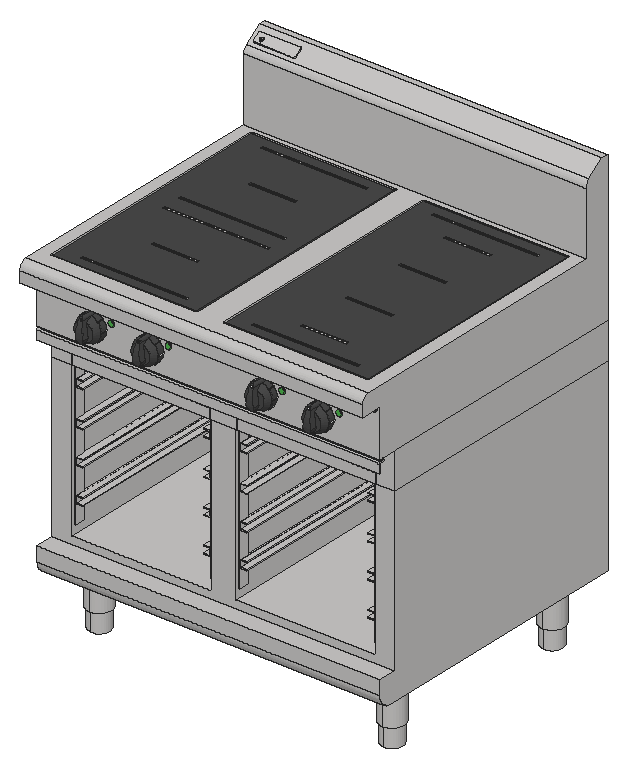
Revit family "QF_Moffat_IN8400R5F-CB_Induction Cooktop_cat", category Specialty Equipment, Revit 2019 (continued)
Definition of nested family "IN8400F-CB_Cabinet base"
  Automatic sketch dimensions
    Extrusion 14 sketch curve to Extrusion 14 sketch curve = 0 mm  (x3)
    Extrusion 14 sketch curve to Extrusion 14 sketch curve = 17.4 mm  (x5)
Definition of nested family "QF_LOGO_Waldorf"
  Parameters (values of type "QF_LOGO_Waldorf")
    Weight in Pounds = 0
    URL Cutsheet = ""
    Specification by User = ""
    Specification by Manufacturer = ""
    Serial Number = ""
    Seismic Rating = ""
    SMACNA No = ""
    Revision Code = ""
    NAFEM Spec ID Number = ""
    Masterspec = ""
    Length = 138 mm
    Item Number = ""
    Installed By = ""
    Identify Quantity as Lot = yes
    Height = 26.711 mm
    Furnished By = ""
    Foodservice Equipment Identifier = yes
    Depth = 3.175 mm
    CSI MasterFormat = ""
  Reference planes
    plane 1 "BACK": y = 0
    plane 2: z = 0
    plane 3 "LEFT": x = 0
    plane 4 "RIGHT": x = 138
    plane 5 "FRONT": y = -3.175
    plane 6 "TOP": z = 26.711
    plane 7 "Center Y": x = 69
    plane 8 "Center X": y = -1.587
  Forms (mm)
    Extrusion 1, solid
      sketch origin (0, 0, 0) x (1, 0, 0) y (0, 0.809017, 0.587785)
        loop
          line (109, 3.464) -> (109, 23.247)
          spline (109, 23.247) -> (108.966, 23.699) -> (108.864, 24.143) -> (108.696, 24.572) -> (108.464, 24.979) -> (108.173, 25.355) -> (107.828, 25.696) -> (107.435, 25.995) -> (107, 26.247) -> (106.531, 26.447) -> (106.035, 26.593) -> (105.522, 26.681) -> (105, 26.711)
          line (105, 26.711) -> (4, 26.711)
          spline (4, 26.711) -> (3.478, 26.681) -> (2.965, 26.593) -> (2.469, 26.447) -> (2, 26.247) -> (1.565, 25.995) -> (1.172, 25.696) -> (0.827, 25.355) -> (0.536, 24.979) -> (0.304, 24.572) -> (0.136, 24.143) -> (0.034, 23.699) -> (0, 23.247)
          line (0, 23.247) -> (0, 3.464)
          spline (0, 3.464) -> (0.034, 3.012) -> (0.136, 2.568) -> (0.304, 2.138) -> (0.536, 1.732) -> (0.827, 1.355) -> (1.172, 1.015) -> (1.565, 0.716) -> (2, 0.464) -> (2.469, 0.264) -> (2.965, 0.118) -> (3.478, 0.03) -> (4, 0)
          line (4, 0) -> (105, 0)
          spline (105, 0) -> (105.522, 0.03) -> (106.035, 0.118) -> (106.531, 0.264) -> (107, 0.464) -> (107.435, 0.716) -> (107.828, 1.015) -> (108.173, 1.355) -> (108.464, 1.732) -> (108.696, 2.138) -> (108.864, 2.568) -> (108.966, 3.012) -> (109, 3.464)
        loop
          line (14.75, 7.005) -> (14.75, 15.654)
          arc (14.75, 15.654) -> (10.425, 11.329) -> (14.75, 7.005) r 4.325
        loop
          line (15.25, 15.654) -> (15.25, 7.005)
          arc (15.25, 7.005) -> (19.575, 11.329) -> (15.25, 15.654) r 4.325
      from 0 to 3.2
    Extrusion 2, solid
      sketch origin (0, 0, 0) x (1, 0, 0) y (0, 0.809017, 0.587785)
        loop
          line (15.25, 15.654) -> (15.25, 7.005)
          arc (15.25, 7.005) -> (19.575, 11.329) -> (15.25, 15.654) r 4.325
      from 0 to 3.2
    Extrusion 3, solid
      sketch origin (16.271, 0, 0) x (-1, 0, 0) y (0, -0.809017, -0.587785)
        loop
          arc (1.521, -15.654) -> (5.846, -11.329) -> (1.521, -7.005) r 4.325
          line (1.521, -7.005) -> (1.521, -15.654)
      from 0 to 3.2
  Lines and regions (mm)
    Split face 1
      outline origin (0, -1.881, 2.589) x (1, 0, 0) y (0, 0.809017, 0.587785)
        loop
          spline (22.129, 16.975) -> (22.389, 15.984) -> (22.649, 15.002) -> (22.91, 14.028) -> (23.172, 13.065) -> (23.433, 12.11) -> (23.695, 11.166) -> (23.956, 10.232) -> (24.218, 9.308) -> (24.479, 8.396) -> (24.74, 7.495) -> (25, 6.605) -> (25.26, 5.728)
          line (25.26, 5.728) -> (29.463, 5.728)
          spline (29.463, 5.728) -> (29.582, 6.252) -> (29.701, 6.78) -> (29.82, 7.313) -> (29.939, 7.85) -> (30.058, 8.391) -> (30.178, 8.936) -> (30.297, 9.485) -> (30.416, 10.038) -> (30.536, 10.594) -> (30.655, 11.155) -> (30.775, 11.719) -> (30.894, 12.287)
          spline (30.894, 12.287) -> (31.018, 11.719) -> (31.142, 11.155) -> (31.266, 10.594) -> (31.39, 10.038) -> (31.514, 9.485) -> (31.638, 8.936) -> (31.762, 8.391) -> (31.885, 7.85) -> (32.009, 7.313) -> (32.133, 6.78) -> (32.256, 6.252) -> (32.379, 5.728)
          line (32.379, 5.728) -> (36.51, 5.728)
          spline (36.51, 5.728) -> (36.766, 6.605) -> (37.023, 7.495) -> (37.28, 8.396) -> (37.538, 9.308) -> (37.795, 10.232) -> (38.053, 11.166) -> (38.311, 12.11) -> (38.569, 13.065) -> (38.826, 14.028) -> (39.083, 15.002) -> (39.34, 15.984) -> (39.597, 16.975)
          line (39.597, 16.975) -> (35.637, 16.975)
          spline (35.637, 16.975) -> (35.523, 16.334) -> (35.41, 15.697) -> (35.296, 15.063) -> (35.182, 14.433) -> (35.068, 13.807) -> (34.954, 13.185) -> (34.84, 12.566) -> (34.726, 11.952) -> (34.612, 11.342) -> (34.497, 10.737) -> (34.383, 10.135) -> (34.269, 9.538)
          spline (34.269, 9.538) -> (34.138, 10.135) -> (34.008, 10.737) -> (33.877, 11.342) -> (33.746, 11.952) -> (33.616, 12.566) -> (33.485, 13.185) -> (33.354, 13.807) -> (33.224, 14.433) -> (33.093, 15.063) -> (32.963, 15.697) -> (32.833, 16.334) -> (32.703, 16.975)
          line (32.703, 16.975) -> (29.247, 16.975)
          spline (29.247, 16.975) -> (29.111, 16.334) -> (28.974, 15.697) -> (28.837, 15.063) -> (28.7, 14.433) -> (28.562, 13.807) -> (28.425, 13.185) -> (28.288, 12.566) -> (28.15, 11.952) -> (28.013, 11.342) -> (27.875, 10.737) -> (27.738, 10.135) -> (27.6, 9.538)
          spline (27.6, 9.538) -> (27.483, 10.135) -> (27.366, 10.737) -> (27.249, 11.342) -> (27.132, 11.952) -> (27.015, 12.566) -> (26.897, 13.185) -> (26.78, 13.807) -> (26.663, 14.433) -> (26.546, 15.063) -> (26.43, 15.697) -> (26.313, 16.334) -> (26.196, 16.975)
          line (26.196, 16.975) -> (22.129, 16.975)
    Split face 2
      outline origin (0, -1.881, 2.589) x (1, 0, 0) y (0, 0.809017, 0.587785)
        loop
          line (51.449, 5.728) -> (51.035, 6.606) -> (51.035, 11.169)
          spline (51.035, 11.169) -> (50.686, 12.42) -> (50.176, 13.224) -> (49.51, 13.708) -> (48.693, 13.995) -> (47.747, 14.152) -> (46.698, 14.207) -> (45.579, 14.186) -> (44.419, 14.114) -> (43.279, 13.929) -> (42.249, 13.481) -> (41.424, 12.614) -> (40.897, 11.169)
          line (40.897, 11.169) -> (44.617, 11.169) -> (44.988, 11.965)
          spline (44.988, 11.965) -> (47.294, 11.682) -> (46.856, 10.932) -> (45.527, 10.609) -> (43.858, 10.439) -> (42.259, 10.123) -> (41.078, 9.417) -> (40.563, 8.246) -> (40.689, 6.989) -> (41.407, 6.052) -> (42.774, 5.536) -> (44.847, 5.497) -> (47.306, 6.602)
          line (47.306, 6.602) -> (47.624, 5.728) -> (51.449, 5.728)
    Split face 3
      outline origin (0, -1.881, 2.589) x (1, 0, 0) y (0, 0.809017, 0.587785)
        loop
          line (47.264, 9.264) -> (44.938, 8.597)
          spline (44.938, 8.597) -> (44.508, 8.228) -> (44.402, 7.9) -> (44.548, 7.626) -> (44.877, 7.42) -> (45.317, 7.295) -> (45.797, 7.265) -> (46.252, 7.342) -> (46.65, 7.525) -> (46.971, 7.813) -> (47.194, 8.201) -> (47.298, 8.685) -> (47.264, 9.264)
    Split face 4
      outline origin (0, -1.881, 2.589) x (1, 0, 0) y (0, 0.809017, 0.587785)
        loop
          line (53.33, 16.975) -> (53.33, 5.728) -> (57.173, 5.728) -> (57.173, 16.975) -> (53.33, 16.975)
    Split face 5
      outline origin (0, -1.881, 2.589) x (1, 0, 0) y (0, 0.809017, 0.587785)
        loop
          line (65.795, 16.975) -> (65.795, 12.976)
          spline (65.795, 12.976) -> (63.839, 14.082) -> (62.087, 14.096) -> (60.633, 13.343) -> (59.574, 12.148) -> (58.99, 10.806) -> (58.867, 9.452) -> (59.156, 8.159) -> (59.81, 7) -> (60.786, 6.056) -> (62.111, 5.514) -> (63.868, 5.634) -> (66.137, 6.679)
          line (66.137, 6.679) -> (66.137, 5.728) -> (69.511, 5.728) -> (69.511, 16.975) -> (65.795, 16.975)
    Split face 6
      outline origin (0, -1.881, 2.589) x (1, 0, 0) y (0, 0.809017, 0.587785)
        loop
          spline (64.273, 7.499) -> (64.754, 7.57) -> (65.202, 7.777) -> (65.587, 8.106) -> (65.882, 8.535) -> (66.067, 9.034) -> (66.131, 9.57) -> (66.067, 10.106) -> (65.882, 10.605) -> (65.587, 11.034) -> (65.202, 11.363) -> (64.754, 11.57) -> (64.273, 11.64)
          spline (64.273, 11.64) -> (63.793, 11.57) -> (63.345, 11.363) -> (62.96, 11.034) -> (62.665, 10.605) -> (62.479, 10.106) -> (62.416, 9.57) -> (62.479, 9.034) -> (62.665, 8.535) -> (62.96, 8.106) -> (63.345, 7.777) -> (63.793, 7.57) -> (64.273, 7.499)
    Split face 7
      outline origin (0, -1.881, 2.589) x (1, 0, 0) y (0, 0.809017, 0.587785)
        loop
          spline (76.449, 5.305) -> (77.855, 5.457) -> (79.166, 5.901) -> (80.291, 6.607) -> (81.155, 7.527) -> (81.698, 8.599) -> (81.883, 9.749) -> (81.698, 10.899) -> (81.155, 11.97) -> (80.291, 12.891) -> (79.166, 13.597) -> (77.855, 14.041) -> (76.449, 14.192)
          spline (76.449, 14.192) -> (75.042, 14.041) -> (73.731, 13.597) -> (72.606, 12.891) -> (71.742, 11.97) -> (71.199, 10.899) -> (71.014, 9.749) -> (71.199, 8.599) -> (71.742, 7.527) -> (72.606, 6.607) -> (73.731, 5.901) -> (75.042, 5.457) -> (76.449, 5.305)
    Split face 8
      outline origin (0, -1.881, 2.589) x (1, 0, 0) y (0, 0.809017, 0.587785)
        loop
          spline (76.449, 7.654) -> (76.841, 7.725) -> (77.206, 7.934) -> (77.52, 8.267) -> (77.76, 8.701) -> (77.912, 9.206) -> (77.963, 9.749) -> (77.912, 10.291) -> (77.76, 10.796) -> (77.52, 11.23) -> (77.206, 11.563) -> (76.841, 11.772) -> (76.449, 11.843)
          spline (76.449, 11.843) -> (76.057, 11.772) -> (75.691, 11.563) -> (75.378, 11.23) -> (75.137, 10.796) -> (74.986, 10.291) -> (74.934, 9.749) -> (74.986, 9.206) -> (75.137, 8.701) -> (75.378, 8.267) -> (75.691, 7.934) -> (76.057, 7.725) -> (76.449, 7.654)
    Split face 9
      outline origin (0, -1.881, 2.589) x (1, 0, 0) y (0, 0.809017, 0.587785)
        loop
          line (86.998, 12.335) -> (86.998, 13.879) -> (83.479, 13.879) -> (83.479, 5.728) -> (87.312, 5.728) -> (87.312, 8.975)
          spline (87.312, 8.975) -> (87.364, 9.356) -> (87.458, 9.686) -> (87.594, 9.968) -> (87.769, 10.204) -> (87.982, 10.398) -> (88.229, 10.55) -> (88.509, 10.666) -> (88.82, 10.746) -> (89.16, 10.794) -> (89.525, 10.812) -> (89.915, 10.803) -> (90.327, 10.77)
          line (90.327, 10.77) -> (90.327, 14.113)
          spline (90.327, 14.113) -> (89.929, 14.127) -> (89.552, 14.111) -> (89.197, 14.066) -> (88.865, 13.991) -> (88.554, 13.887) -> (88.266, 13.754) -> (87.999, 13.591) -> (87.755, 13.399) -> (87.532, 13.177) -> (87.332, 12.926) -> (87.154, 12.645) -> (86.998, 12.335)
    Split face 10
      outline origin (0, -1.881, 2.589) x (1, 0, 0) y (0, 0.809017, 0.587785)
        loop
          line (92.082, 13.879) -> (90.894, 13.879) -> (90.894, 11.972) -> (92.082, 11.972) -> (92.082, 5.728) -> (95.871, 5.728) -> (95.871, 11.972) -> (97.5, 11.972) -> (97.5, 13.879) -> (95.871, 13.879)
          spline (95.871, 13.879) -> (95.843, 14.088) -> (95.845, 14.278) -> (95.877, 14.447) -> (95.939, 14.596) -> (96.03, 14.726) -> (96.151, 14.835) -> (96.301, 14.925) -> (96.482, 14.995) -> (96.692, 15.045) -> (96.931, 15.075) -> (97.201, 15.085) -> (97.5, 15.076)
          line (97.5, 15.076) -> (97.5, 17.266) -> (95.367, 17.266)
          spline (95.367, 17.266) -> (94.982, 17.253) -> (94.58, 17.21) -> (94.174, 17.132) -> (93.774, 17.013) -> (93.39, 16.846) -> (93.034, 16.627) -> (92.717, 16.349) -> (92.448, 16.007) -> (92.24, 15.595) -> (92.102, 15.106) -> (92.046, 14.537) -> (92.082, 13.879)
  Dimensions and locks
    equal spacing: plane 3 "LEFT", plane 7 "Center Y", plane 4 "RIGHT"
    "Length": plane 3 "LEFT" to plane 4 "RIGHT"
    equal spacing: plane 5 "FRONT", plane 8 "Center X", plane 1 "BACK"
    "Depth": plane 5 "FRONT" to plane 1 "BACK"
    "Height": plane 6 "TOP" to level
    plane 4 "RIGHT" to plane 3 "LEFT" = 138 mm
    aligned and locked: level to plane 2
  Automatic sketch dimensions
    Extrusion 1 sketch curve to plane 3 "LEFT" = 0 mm
    plane 3 "LEFT" to Extrusion 1 sketch curve = 4 mm  (x2)
    Extrusion 1 sketch curve to Extrusion 1 sketch curve = 10.75 mm
    Extrusion 1 sketch curve to Extrusion 1 sketch curve = 0.5 mm
    plane 4 "RIGHT" to Extrusion 1 sketch curve = 33 mm
    Extrusion 1 sketch curve to Extrusion 1 sketch curve = 0 mm  (x3)
    Extrusion 1 sketch curve to Extrusion 1 sketch curve = 4 mm
    Extrusion 1 sketch curve to Extrusion 1 sketch curve = 3.464 mm  (x3)
    Extrusion 1 sketch curve to Extrusion 1 sketch curve = 3.541 mm
    Extrusion 1 sketch curve to Extrusion 1 sketch curve = 4.325 mm
    Extrusion 1 sketch curve to Extrusion 1 sketch curve = 19.783 mm
    Extrusion 1 sketch curve to Extrusion 1 sketch curve = 7.592 mm
    plane 3 "LEFT" to Extrusion 2 sketch curve = 15.25 mm
    Extrusion 2 sketch curve to Extrusion 2 sketch curve = 4.325 mm
    plane 3 "LEFT" to Extrusion 3 sketch curve = 14.75 mm
    Extrusion 3 sketch curve to Extrusion 3 sketch curve = 4.325 mm
    Extrusion 1 to Split face 1 sketch curve = 6.879 mm
    Split face 1 sketch curve to Extrusion 1 = 5.728 mm
    Split face 1 sketch curve to Split face 1 sketch curve = 3.132 mm
    Split face 1 sketch curve to Split face 1 sketch curve = 4.068 mm
    Split face 1 sketch curve to Split face 1 sketch curve = 3.051 mm
    Split face 1 sketch curve to Split face 1 sketch curve = 4.203 mm
    Split face 1 sketch curve to Split face 1 sketch curve = 2.916 mm
    Split face 1 sketch curve to Split face 1 sketch curve = 3.456 mm
    Split face 1 sketch curve to Split face 1 sketch curve = 2.934 mm
    Split face 1 sketch curve to Split face 1 sketch curve = 4.131 mm
    Split face 1 sketch curve to Split face 1 sketch curve = 3.96 mm
    Split face 1 sketch curve to Split face 1 sketch curve = 0 mm  (x2)
    Split face 1 sketch curve to Extrusion 1 = 9.736 mm  (x2)
    Extrusion 1 to Split face 1 sketch curve = 6.337 mm
    Extrusion 1 to Split face 1 sketch curve = 6.231 mm
    Extrusion 1 to Split face 1 sketch curve = 3.184 mm
    Extrusion 1 to Split face 1 sketch curve = 13.135 mm
    Split face 1 sketch curve to Split face 1 sketch curve = 4.652 mm
    Split face 1 sketch curve to Split face 1 sketch curve = 3.593 mm
    Split face 1 sketch curve to Split face 1 sketch curve = 1.863 mm
    Split face 1 sketch curve to Split face 1 sketch curve = 0.713 mm
    Split face 1 sketch curve to Split face 1 sketch curve = 2.684 mm
    Split face 1 sketch curve to Split face 1 sketch curve = 3.294 mm
    Split face 1 sketch curve to Split face 1 sketch curve = 0.459 mm
    Split face 1 sketch curve to Split face 1 sketch curve = 2.775 mm
    Split face 1 sketch curve to Split face 1 sketch curve = 1.89 mm
    Split face 1 sketch curve to Split face 1 sketch curve = 0.685 mm
    Split face 1 sketch curve to Split face 1 sketch curve = 9.486 mm
    Split face 1 sketch curve to Split face 1 sketch curve = 16.213 mm
    Split face 1 sketch curve to Split face 1 sketch curve = 3.48 mm
    Split face 1 sketch curve to Split face 1 sketch curve = 4.918 mm
    Split face 1 sketch curve to Split face 1 sketch curve = 7.609 mm
    Split face 1 sketch curve to Split face 1 sketch curve = 0.01 mm  (x2)
    Split face 1 sketch curve to Split face 1 sketch curve = 0.002 mm
    Split face 2 sketch curve to Extrusion 1 = 11.169 mm
    Extrusion 1 to Split face 2 sketch curve = 25.647 mm
    Split face 2 sketch curve to Split face 2 sketch curve = 3.72 mm
    Split face 2 sketch curve to Extrusion 1 = 11.965 mm
    Split face 2 sketch curve to Split face 2 sketch curve = 0.371 mm
    Split face 2 sketch curve to Extrusion 1 = 6.602 mm
    Split face 2 sketch curve to Split face 2 sketch curve = 2.689 mm
    Split face 2 sketch curve to Split face 2 sketch curve = 0.318 mm
    Split face 2 sketch curve to Split face 2 sketch curve = 3.729 mm
    Split face 2 sketch curve to Split face 2 sketch curve = 0.414 mm
    Split face 2 sketch curve to Split face 2 sketch curve = 0.875 mm
    Split face 2 sketch curve to Split face 2 sketch curve = 0.878 mm
    Split face 3 sketch curve to Extrusion 1 = 8.597 mm
    Extrusion 1 to Split face 3 sketch curve = 29.688 mm
    Split face 3 sketch curve to Extrusion 1 = 9.264 mm
    Split face 3 sketch curve to Split face 3 sketch curve = 2.326 mm
    Split face 4 sketch curve to Extrusion 1 = 5.728 mm
    Extrusion 1 to Split face 4 sketch curve = 38.08 mm
    Split face 4 sketch curve to Split face 4 sketch curve = 3.843 mm
    Split face 4 sketch curve to Extrusion 1 = 9.736 mm
    Split face 5 sketch curve to Extrusion 1 = 9.736 mm
    Split face 5 sketch curve to Extrusion 1 = 43.205 mm
    Split face 5 sketch curve to Extrusion 1 = 6.679 mm
    Split face 5 sketch curve to Split face 5 sketch curve = 0.342 mm
    Split face 5 sketch curve to Split face 5 sketch curve = 3.375 mm
    Split face 5 sketch curve to Split face 5 sketch curve = 0.952 mm
    Split face 5 sketch curve to Split face 5 sketch curve = 3.998 mm
    Split face 6 sketch curve to Extrusion 1 = 7.499 mm
    Split face 6 sketch curve to Extrusion 1 = 44.727 mm
    Split face 6 sketch curve to Split face 6 sketch curve = 2.07 mm
    Split face 7 sketch curve to Extrusion 1 = 5.305 mm
    Split face 7 sketch curve to Extrusion 1 = 32.551 mm
    Split face 7 sketch curve to Split face 7 sketch curve = 4.443 mm
    Split face 8 sketch curve to Extrusion 1 = 7.654 mm
    Split face 8 sketch curve to Extrusion 1 = 32.551 mm
    Split face 8 sketch curve to Split face 8 sketch curve = 2.095 mm
    Split face 9 sketch curve to Extrusion 1 = 5.728 mm
    Split face 9 sketch curve to Extrusion 1 = 25.521 mm
    Split face 9 sketch curve to Split face 9 sketch curve = 3.519 mm
    Split face 9 sketch curve to Split face 9 sketch curve = 0.315 mm
    Split face 9 sketch curve to Split face 9 sketch curve = 3.33 mm
    Split face 9 sketch curve to Split face 9 sketch curve = 3.248 mm
    Split face 9 sketch curve to Split face 9 sketch curve = 1.795 mm
    Split face 9 sketch curve to Split face 9 sketch curve = 3.36 mm
    Split face 9 sketch curve to Split face 9 sketch curve = 1.545 mm
    Split face 9 sketch curve to Split face 9 sketch curve = 0.233 mm
    Split face 10 sketch curve to Extrusion 1 = 18.106 mm
    Split face 10 sketch curve to Split face 10 sketch curve = 1.188 mm  (x2)
    Split face 10 sketch curve to Split face 10 sketch curve = 3.285 mm
    Split face 10 sketch curve to Split face 10 sketch curve = 3.789 mm
    Split face 10 sketch curve to Split face 10 sketch curve = 0 mm  (x2)
    Split face 10 sketch curve to Split face 10 sketch curve = 1.629 mm
    Split face 10 sketch curve to Split face 10 sketch curve = 2.133 mm
    Split face 10 sketch curve to Extrusion 1 = 5.728 mm
    Split face 10 sketch curve to Split face 10 sketch curve = 6.245 mm
    Split face 10 sketch curve to Split face 10 sketch curve = 1.907 mm  (x2)
    Split face 10 sketch curve to Split face 10 sketch curve = 1.197 mm
    Split face 10 sketch curve to Split face 10 sketch curve = 2.19 mm
Definition of nested family "Knob"
  Parameters (values of type "Knob")
    Weight in Pounds = 0
    URL Cutsheet = ""
    Specification by User = ""
    Specification by Manufacturer = ""
    Serial Number = ""
    Seismic Rating = ""
    SMACNA No = ""
    Revision Code = ""
    NAFEM Spec ID Number = ""
    Masterspec = ""
    Length = 65 mm
    Item Number = ""
    Installed By = ""
    Identify Quantity as Lot = yes
    Height = 69.5 mm
    Furnished By = ""
    Foodservice Equipment Identifier = yes
    Depth = 59 mm
    CSI MasterFormat = ""
  Reference planes
    plane 1 "BACK": y = 0
    plane 2: z = 0
    plane 3 "LEFT": x = 0
    plane 4 "RIGHT": x = 65
    plane 5 "FRONT": y = -59
    plane 6 "TOP": z = 69.5
    plane 7 "Center Y": x = 32.5
    plane 8 "Center X": y = -29.5
  Forms (mm)
    Revolve 1, solid
      sketch origin (32.5, 175.397, 1219.2) x (0, 1, 0) y (0, 0, 1)
        loop
          line (-175.397, -1186.7) -> (-219.397, -1186.7) -> (-219.397, -1211.501) -> (-202.106, -1219.2) -> (-185.397, -1219.2) -> (-185.397, -1191.7) -> (-175.397, -1191.7) -> (-175.397, -1186.7)
        axis (-219.397, -1186.7) -> (-175.397, -1186.7)
      angle from 0 to 360
    Extrusion 2, solid
      sketch origin (32.5, 175.397, 1219.2) x (0, 1, 0) y (0, 0, 1)
        loop
          line (-202.106, -1154.2) -> (-185.397, -1154.2) -> (-185.397, -1149.7) -> (-224.105, -1149.7)
          arc (-224.105, -1149.7) -> (-233.965, -1178.467) -> (-230.696, -1208.7) r 70
          line (-230.696, -1208.7) -> (-219.397, -1208.7) -> (-219.397, -1161.899) -> (-202.106, -1154.2)
      from -15 to 15
    Extrusion 3, void
      sketch origin (0, 0, 0) x (1, 0, 0) y (0, 0, 1)
        loop
          line (27.501, 64.613) -> (22.02, 20.585)
          arc (22.02, 20.585) -> (32.792, 10.488) -> (42.986, 21.169) r 10.487
          line (42.986, 21.169) -> (37.499, 64.613)
          arc (37.499, 64.613) -> (32.5, 69.5) -> (27.501, 64.613) r 5
        loop
          line (10, 72.977) -> (10, 5.625) -> (55, 5.625) -> (55, 72.977) -> (10, 72.977)
      from 6.142 to 69.687
    Extrusion 4, solid
      sketch origin (0, -34.115, -16.916) x (1, 0, 0) y (0, 0.45399, 0.891007)
        loop
          circle (32.497, 65) r 2
      from 51.525 to 53.075
    Extrusion 5, solid
      sketch origin (32.5, -10, 32.5) x (0, 0, -1) y (-1, 0, 0)
        loop
          line (-23.54, -22.408) -> (-24.106, -22.974)
          arc (-24.106, -22.974) -> (-23.547, -23.547) -> (-22.974, -24.106) r 33.3
          line (-22.974, -24.106) -> (-22.408, -23.54)
          arc (-22.408, -23.54) -> (-22.981, -22.981) -> (-23.54, -22.408) r 32.5
        loop
          arc (-0.8, -33.29) -> (0, -33.3) -> (0.8, -33.29) r 33.3
          line (0.8, -33.29) -> (0.8, -32.49)
          arc (0.8, -32.49) -> (0, -32.5) -> (-0.8, -32.49) r 32.5
          line (-0.8, -32.49) -> (-0.8, -33.29)
        loop
          arc (23.54, -22.408) -> (22.981, -22.981) -> (22.408, -23.54) r 32.5
          line (22.408, -23.54) -> (22.974, -24.106)
          arc (22.974, -24.106) -> (23.547, -23.547) -> (24.106, -22.974) r 33.3
          line (24.106, -22.974) -> (23.54, -22.408)
        loop
          arc (-23.54, 22.408) -> (-22.981, 22.981) -> (-22.408, 23.54) r 32.5
          line (-22.408, 23.54) -> (-22.974, 24.106)
          arc (-22.974, 24.106) -> (-23.547, 23.547) -> (-24.106, 22.974) r 33.3
          line (-24.106, 22.974) -> (-23.54, 22.408)
        loop
          line (-0.8, 33.29) -> (-0.8, 32.49)
          arc (-0.8, 32.49) -> (0, 32.5) -> (0.8, 32.49) r 32.5
          line (0.8, 32.49) -> (0.8, 33.29)
          arc (0.8, 33.29) -> (0, 33.3) -> (-0.8, 33.29) r 33.3
        loop
          line (32.49, -0.8) -> (33.29, -0.8)
          arc (33.29, -0.8) -> (33.3, 0) -> (33.29, 0.8) r 33.3
          line (33.29, 0.8) -> (32.49, 0.8)
          arc (32.49, 0.8) -> (32.5, 0) -> (32.49, -0.8) r 32.5
        loop
          arc (24.106, 22.974) -> (23.547, 23.547) -> (22.974, 24.106) r 33.3
          line (22.974, 24.106) -> (22.408, 23.54)
          arc (22.408, 23.54) -> (22.981, 22.981) -> (23.54, 22.408) r 32.5
          line (23.54, 22.408) -> (24.106, 22.974)
      from 0 to -16.709
  Cuts and joins
    Extrusion 3 cuts Extrusion 2
  Dimensions and locks
    equal spacing: plane 3 "LEFT", plane 7 "Center Y", plane 4 "RIGHT"
    "Length": plane 3 "LEFT" to plane 4 "RIGHT"
    equal spacing: plane 5 "FRONT", plane 8 "Center X", plane 1 "BACK"
    "Depth": plane 5 "FRONT" to plane 1 "BACK"
    "Height": plane 6 "TOP" to level
    plane 4 "RIGHT" to plane 3 "LEFT" = 65 mm
    aligned and locked: level to plane 2
  Automatic sketch dimensions
    Revolve 1 sketch curve to level = 0 mm
    Revolve 1 sketch curve to plane 1 "BACK" = 0 mm  (x2)
    plane 1 "BACK" to Revolve 1 sketch curve = 10 mm
    plane 8 "Center X" to Revolve 1 sketch curve = 2.791 mm
    Revolve 1 sketch curve to plane 8 "Center X" = 14.5 mm
    level to Revolve 1 sketch curve = 7.699 mm
    level to Revolve 1 sketch curve = 27.5 mm
    Revolve 1 sketch curve to Revolve 1 sketch curve = 5 mm
    Revolve 1 sketch curve to Revolve 1 sketch curve = 35 mm
    Revolve 1 sketch curve to Revolve 1 sketch curve = 0 mm
    Extrusion 2 sketch curve to plane 6 "TOP" = 0 mm
    Extrusion 2 sketch curve to plane 5 "FRONT" = 3.702 mm
    Extrusion 2 sketch curve to plane 5 "FRONT" = 10.293 mm
    Extrusion 2 sketch curve to Extrusion 2 sketch curve = 11.298 mm
    plane 8 "Center X" to Extrusion 2 sketch curve = 2.791 mm
    plane 1 "BACK" to Extrusion 2 sketch curve = 10 mm
    Extrusion 2 sketch curve to plane 1 "BACK" = 11 mm
    Extrusion 2 sketch curve to plane 6 "TOP" = 4.5 mm
    Extrusion 2 sketch curve to plane 6 "TOP" = 12.199 mm
    level to Extrusion 2 sketch curve = 32.962 mm
    level to Extrusion 3 sketch curve = 5.625 mm
    Extrusion 3 sketch curve to plane 7 "Center Y" = 0 mm  (x2)
    Extrusion 3 sketch curve to plane 7 "Center Y" = 4.999 mm
    Extrusion 3 sketch curve to plane 7 "Center Y" = 10.48 mm
    plane 6 "TOP" to Extrusion 3 sketch curve = 3.477 mm
    plane 3 "LEFT" to Extrusion 3 sketch curve = 10 mm
    Extrusion 3 sketch curve to plane 6 "TOP" = 4.887 mm
    Extrusion 3 sketch curve to Extrusion 3 sketch curve = 4.999 mm
    plane 7 "Center Y" to Extrusion 3 sketch curve = 10.486 mm
    level to Extrusion 3 sketch curve = 20.585 mm
    Extrusion 3 sketch curve to Extrusion 3 sketch curve = 0.387 mm
    Extrusion 3 sketch curve to Extrusion 3 sketch curve = 0.113 mm
    plane 4 "RIGHT" to Extrusion 3 sketch curve = 10 mm
    Extrusion 5 sketch curve to Revolve 1 = 32.49 mm
    Revolve 1 to Extrusion 5 sketch curve = 32.49 mm
    Extrusion 5 sketch curve to Revolve 1 = 23.54 mm  (x2)
    Revolve 1 to Extrusion 5 sketch curve = 23.54 mm  (x2)
    Extrusion 5 sketch curve to Revolve 1 = 24.106 mm  (x2)
    Revolve 1 to Extrusion 5 sketch curve = 24.106 mm  (x2)
    Revolve 1 to Extrusion 5 sketch curve = 22.408 mm  (x2)
    Extrusion 5 sketch curve to Revolve 1 = 22.408 mm  (x2)
    Revolve 1 to Extrusion 5 sketch curve = 22.974 mm  (x2)
    Extrusion 5 sketch curve to Revolve 1 = 22.974 mm  (x2)
    Extrusion 5 sketch curve to Extrusion 5 sketch curve = 1.6 mm  (x2)
    Revolve 1 to Extrusion 5 sketch curve = 0.8 mm
    Extrusion 5 sketch curve to Revolve 1 = 0.8 mm
    Extrusion 4 sketch curve to plane 7 "Center Y" = 0.003 mm
    radius of Extrusion 5 sketch curve to Revolve 1 = 0 mm  (x7)
    radius of Revolve 1 to Extrusion 5 sketch curve = 0.8 mm  (x7)
    radius of Extrusion 4 sketch curve = 2 mm
Types (2, lengths in mm): name | Volts | Model | Cycle | Apparent Power
  INB8400R5F-CB_415/60/3 | 415 V | "IN8400R5F-CB" | 60 Hz | 20102.6 VA
  INB8400R5F-CB_400/50/3 | 400 V | "INB8400R5F-CB" | 50 Hz | 19376 VA
